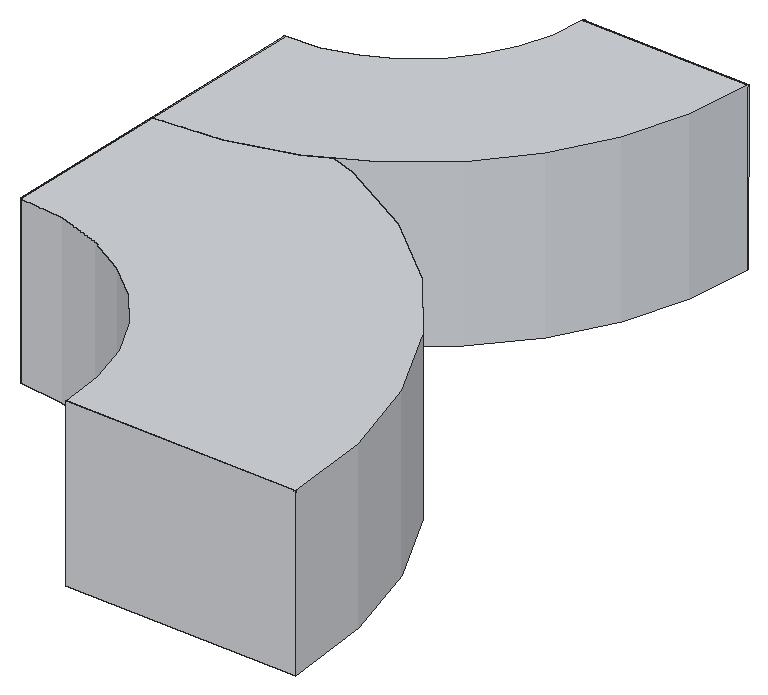
Revit family "M_Transição de Y retangular curvado - DTL", category Conexões de duto, Revit 2019
Family settings
  Cota do conector redondo = Utilizar diâmetro
  Tipo de parte = Ipsílon
  Número OmniClass = 23.75.70.14
  Título OmniClass = Air Ductwork
  ID de item do Seek = Rectangular Wye Curved Transition - DTL-0000-CAN-ENU
  Com base no plano de trabalho = Não
  Sempre na vertical = Sim
  Corte com vazios quando carregada = Não
  Compartilhado = Não
Parameters (values of type "Padrão")
  Mudança superior à direita [instance] = Entrada de profundidade - Saída da profundidade à direita + Mudança inferior à direita  # 0 mm
  Mudança superior à esquerda [instance] = -(Entrada de profundidade - Saída da profundidade à esquerda) + Mudança inferior à esquerda  # 0 mm
  Deslocamento superior 1 [instance] = (Entrada de profundidade - Saída da profundidade à esquerda) / 2 - Mudança superior à esquerda  # 0 mm
  Deslocamento superior 2 [instance] = (Entrada de profundidade - Saída da profundidade à direita) / 2 - Mudança superior à direita  # 0 mm
  Direita do raio [instance] = 625 mm
  Esquerda do raio [instance] = 450 mm
  Comprimento 7 [instance] = Saída da profundidade à esquerda / 4 + Deslocamento superior 1  # 112.5 mm
  Comprimento 6 [instance] = (Entrada de profundidade + Saída da profundidade à esquerda + Saída da profundidade à direita + abs(Deslocamento superior 1) + abs(Deslocamento superior 2)) / 2 + 127 mm  # 802 mm
  Comprimento 5 [instance] = ((Direita do raio + Saída da largura à direita / 2) - (Direita do raio + Entrada de largura / 2) * cos(Ângulo 3)) / sin(Ângulo 3)  # 937.5 mm
  Comprimento 4 [instance] = ((Esquerda do raio + Saída da largura à esquerda / 2) - (Esquerda do raio + Entrada de largura / 2) * cos(Ângulo 2)) / sin(Ângulo 2)  # 675 mm
  Comprimento 3 [instance] = Entrada de largura / 2 + Direita do raio  # 1075 mm
  Comprimento 2 [instance] = Entrada de largura / 2 + Esquerda do raio  # 900 mm
  Comprimento 19 [instance] = Comprimento 2 - Comprimento 10  # 900 mm
  Comprimento 18 [instance] = if(Entrada reta = 0 mm, 0.794 mm, Entrada reta)  # 0.794 mm
  Comprimento 17 [instance] = if(Saída reta à direita = 0 mm, 0.794 mm, Saída reta à direita)  # 0.794 mm
  Comprimento 16 [instance] = if(Saída reta à esquerda = 0 mm, 0.794 mm, Saída reta à esquerda)  # 0.794 mm
  Comprimento 15 [instance] = 3048 mm + Deslocamento superior 2  # 3048 mm
  Comprimento 14 [instance] = 3048 mm + Deslocamento superior 1  # 3048 mm
  Comprimento 12 [instance] = (Direita do raio + Saída da largura à direita / 2) * sin(Ângulo 3)  # 937.5 mm
  Comprimento 13 [instance] = (Direita do raio + Saída da largura à direita / 2) * cos(Ângulo 3)  # 0 mm
  Comprimento 11 [instance] = (Esquerda do raio + Saída da largura à esquerda / 2) * sin(Ângulo 2)  # 675 mm
  Comprimento 10 [instance] = (Esquerda do raio + Saída da largura à esquerda / 2) * cos(Ângulo 2)  # 0 mm
  Comprimento 1 [instance] = 9144 mm - (Comprimento 4 + Comprimento 5) / 2  # 8337.75 mm
  Entrada de largura [instance] = 900 mm
  Saída da largura à direita [instance] = 625 mm
  Saída da largura à esquerda [instance] = 450 mm
  Entrada reta [instance] = 0 mm
  Saída reta à direita [instance] = 0 mm
  Saída reta à esquerda [instance] = 0 mm
  Entrada de profundidade [instance] = 450 mm
  Saída da profundidade à direita [instance] = 450 mm
  Saída da profundidade à esquerda [instance] = 450 mm
  Raio do centro 2 [instance] = Direita do raio + Saída da largura à direita / 2  # 937.5 mm
  Raio do centro 1 [instance] = Esquerda do raio + Saída da largura à esquerda / 2  # 675 mm
  Mudança inferior à direita [instance] = 0 mm
  Mudança inferior à esquerda [instance] = 0 mm
  Ângulo 3 [instance] = 90.00°
  Ângulo 2 [instance] = 90.00°
Reference planes
  plane 1 "Centro (Frente/Trás)": y = 0
  plane 2: z = 0
  plane 3 "Centro (Esquerda/Direita)": x = 0
  plane 4: z = 802
  plane 5: z = -802
  plane 6: z = 802
  plane 7: z = -802
  plane 8: z = 0
  plane 9: z = 0
  plane 10: z = 802
  plane 11: z = -802
  plane 12: z = -3048
  plane 13: x = -806.25
  plane 14: x = -9144
  plane 15: y = 900
  plane 16: y = -1075
  plane 17: x = -807.044
  plane 18: x = -131.25
  plane 19: y = 900
  plane 20: z = 76.2
  plane 21: y = 823.8
  plane 22: z = 398.084
  plane 23: y = -76.2
  plane 24: z = 76.2
  plane 25: x = 131.25
  plane 26: y = -1075
  plane 27: x = -806.25
  plane 28: y = 76.2
  plane 29: z = 76.2
  plane 30: y = -998.8
  plane 31: z = 76.2
Forms (mm)
  Sweep 1, solid, detail levels medium+fine
    path in 3D
      loop
        line (-807.044, 0, 0) -> (-806.25, 0, 0)
    profile "M_Duto - Retangular : Duto - Retangular 3" origin (-806.647, 0, 0) x (0, 1, 0) y (0, 0, 1)
      loop
        line (-450, 225) -> (-450, -225) -> (450, -225) -> (450, 225) -> (-450, 225)
  Blend 2, solid, not visible
    base sketch origin (0, 0, 0) x (0, 1, 0) y (0, 0, 1)
      loop
        line (900, 76.2) -> (823.8, 76.2) -> (823.8, 0) -> (900, 0) -> (900, 76.2)
    top sketch origin (0, 0, 0) x (0, 1, 0) y (0, 0, 1)
      loop
        line (0, 76.2) -> (-76.2, 76.2) -> (-76.2, 0) -> (0, 0) -> (0, 76.2)
    from -131.25 to -806.25
  Extrusion 3, void
    sketch origin (571.5, -4572, 0) x (-1, 0, 0) y (0, -1, 0)
      loop
        circle (1377.75, -5472) r 450
    from -863.6 to 863.6
  Extrusion 4, void
    sketch origin (571.5, -4572, 0) x (-1, 0, 0) y (0, -1, 0)
      loop
        circle (1377.75, -3497) r 625
    from -863.6 to 863.6
  Blend 5, solid, not visible
    base sketch origin (0, 0, 0) x (0, 1, 0) y (0, 0, 1)
      loop
        line (76.2, 0) -> (76.2, 76.2) -> (0, 76.2) -> (0, 0) -> (76.2, 0)
    top sketch origin (0, 0, 0) x (0, 1, 0) y (0, 0, 1)
      loop
        line (-998.8, 76.2) -> (-1075, 76.2) -> (-1075, 0) -> (-998.8, 0) -> (-998.8, 76.2)
    from -806.25 to 131.25
  SweptBlend 6, solid, detail levels medium+fine
    path in 3D
      loop
        arc (-806.25, -137.5, 0) -> (-143.337, -412.087, 0) -> (131.25, -1075, 0) r 937.5
    profile "M_Duto - Retangular : Duto - Retangular 5" origin (-806.25, -137.5, 0) x (0, 1, 0) y (0, 0, 1)
      loop
        line (-312.5, 225) -> (-312.5, -225) -> (312.5, -225) -> (312.5, 225) -> (-312.5, 225)
    end profile "M_Duto - Retangular : Duto - Retangular 2" origin (131.25, -1075, 0) x (1, 0, 0) y (0, 0, 1)
      loop
        line (-312.5, 225) -> (-312.5, -225) -> (312.5, -225) -> (312.5, 225) -> (-312.5, 225)
  SweptBlend 7, solid, detail levels medium+fine
    path in 3D
      loop
        arc (-806.25, 225, 0) -> (-328.953, 422.703, 0) -> (-131.25, 900, 0) r 675
    profile "M_Duto - Retangular : Duto - Retangular 4" origin (-806.25, 225, 0) x (0, 1, 0) y (0, 0, 1)
      loop
        line (-225, 225) -> (-225, -225) -> (225, -225) -> (225, 225) -> (-225, 225)
    end profile "M_Duto - Retangular : Duto - Retangular 1" origin (-131.25, 900, 0) x (-1, 0, 0) y (0, 0, 1)
      loop
        line (-225, 225) -> (-225, -225) -> (225, -225) -> (225, 225) -> (-225, 225)
  Sweep 8, solid, detail levels medium+fine
    path in 3D
      loop
        line (-131.25, 900, 0) -> (-131.25, 900.794, 0)
    profile "M_Duto - Retangular : Duto - Retangular 1" origin (-131.25, 900.397, 0) x (-1, 0, 0) y (0, 0, 1)
      loop
        line (-225, 225) -> (-225, -225) -> (225, -225) -> (225, 225) -> (-225, 225)
  Sweep 9, solid, detail levels medium+fine
    path in 3D
      loop
        line (131.25, -1075, 0) -> (131.25, -1075.794, 0)
    profile "M_Duto - Retangular : Duto - Retangular 2" origin (131.25, -1075.397, 0) x (1, 0, 0) y (0, 0, 1)
      loop
        line (-312.5, 225) -> (-312.5, -225) -> (312.5, -225) -> (312.5, 225) -> (-312.5, 225)
Lines and regions (mm)
  model lines, detail levels coarse
    curve 1: line (-807.044, 0, 0) -> (-806.25, 0, 0)
    curve 3: line (-131.25, 900, 0) -> (-806.25, 0, 0)
    curve 8: line (-131.25, 900, 0) -> (-131.25, 900.794, 0)
    curve 10: line (131.25, -1075, 0) -> (131.25, -1075.794, 0)
    curve 12: line (-806.25, 0, 0) -> (131.25, -1075, 0)
  sketch lines
    curve 2: line (-807.044, 0, 0) -> (-806.25, 0, 0)
    curve 5: arc (-806.25, -137.5, 0) -> (-143.337, -412.087, 0) -> (131.25, -1075, 0) r 937.5
    curve 7: arc (-806.25, 225, 0) -> (-328.953, 422.703, 0) -> (-131.25, 900, 0) r 675
    curve 9: line (-131.25, 900, 0) -> (-131.25, 900.794, 0)
    curve 11: line (131.25, -1075, 0) -> (131.25, -1075.794, 0)
  reference lines
    curve 4: arc (-806.25, -137.5, 0) -> (-143.337, -412.087, 0) -> (131.25, -1075, 0) r 937.5
    curve 6: arc (-806.25, 225, 0) -> (-328.953, 422.703, 0) -> (-131.25, 900, 0) r 675
Dimensions and locks
  equal spacing: plane 4, plane 2, plane 5
  "Comprimento 6": plane 4 to plane 2
  equal spacing: plane 6, plane 2, plane 7
  "Comprimento 6": plane 6 to plane 2
  equal spacing: plane 10, plane 2, plane 11
  "Comprimento 6": plane 10 to plane 2
  locked: plane 2 to plane 12 at 3048
  "Comprimento 14": plane 8 to plane 12
  "Comprimento 15": plane 9 to plane 12
  locked: plane 14 to plane 3 "Centro (Esquerda/Direita)" at 9144
  "Comprimento 1": plane 14 to plane 13
  "Comprimento 2": plane 15 to plane 1 "Centro (Frente/Trás)"
  "Comprimento 3": plane 1 "Centro (Frente/Trás)" to plane 16
  "Comprimento 18": plane 17 to plane 13
  "Comprimento 19": plane 19 to plane 1 "Centro (Frente/Trás)"
  "Comprimento 11": plane 13 to plane 18
  locked: plane 20 to plane 8 at 76.2
  locked: plane 19 to plane 21 at 76.2
  plane 1 "Centro (Frente/Trás)" to plane 23 = 76.2 mm
  locked: plane 24 to plane 2 at 76.2
  "Comprimento 12": plane 13 to plane 25
  "Comprimento 13": plane 26 to plane 16
  "Comprimento 1": plane 14 to plane 27
  plane 28 to plane 1 "Centro (Frente/Trás)" = 76.2 mm
  plane 30 to plane 26 = 76.2 mm
  plane 29 to plane 9 = 76.2 mm
  locked: plane 31 to plane 2 at 76.2
  "Comprimento 16": curve 8 to curve 8
  "Comprimento 17": curve 10 to curve 10
  "Direita do raio": radius of Extrusion 4 sketch curve
  "Esquerda do raio": radius of Extrusion 3 sketch curve
  "Raio do centro 2": radius of curve 4
  "Raio do centro 1": radius of curve 6
  "Ângulo 3": angle curve 4 to curve 4
  "Ângulo 2": angle curve 6 to curve 6
  "Ângulo 2": angle plane 19 to curve 8
  "Ângulo 3": angle curve 10 to plane 26
  aligned and locked: Blend 2 sketch curve to plane 19
  aligned and locked: Blend 2 sketch curve to plane 21
  aligned and locked: Blend 2 sketch curve to plane 20
  aligned and locked: plane 1 "Centro (Frente/Trás)" to Blend 2 sketch curve
  aligned and locked: plane 2 to Blend 2 sketch curve
  aligned and locked: Blend 2 sketch curve to plane 24
  aligned and locked: Blend 2 sketch curve to plane 23
  aligned and locked: Blend 2 to plane 13
  aligned and locked: plane 18 to Blend 2
  aligned and locked: curve 3 to Blend 2  (x2)
  aligned and locked: plane 13 to Extrusion 3 sketch curve
  aligned and locked: plane 15 to Extrusion 3 sketch curve
  aligned and locked: plane 16 to Extrusion 4 sketch curve
  aligned and locked: plane 27 to Extrusion 4 sketch curve
  aligned and locked: Blend 5 sketch curve to plane 1 "Centro (Frente/Trás)"
  aligned and locked: plane 28 to Blend 5 sketch curve
  aligned and locked: plane 26 to Blend 5 sketch curve
  aligned and locked: plane 9 to Blend 5 sketch curve
  aligned and locked: plane 30 to Blend 5 sketch curve
  aligned and locked: Blend 5 sketch curve to plane 29
  aligned and locked: Blend 5 to plane 27
  aligned and locked: plane 25 to Blend 5
  aligned and locked: plane 31 to Blend 5 sketch curve
  aligned and locked: Blend 5 sketch curve to plane 2
  aligned and locked: plane 13 to curve 1
  aligned and locked: plane 16 to curve 4
  aligned and locked: plane 13 to curve 4  (x2)
  aligned and locked: plane 15 to curve 6
  aligned and locked: plane 13 to curve 6  (x2)
  aligned and locked: plane 18 to curve 8
  aligned and locked: plane 19 to curve 8
  aligned and locked: plane 26 to curve 10
  aligned and locked: plane 25 to curve 10
  aligned and locked: curve 12 to Blend 5
Automatic sketch dimensions
  Blend 2 sketch curve to plane 8 = 0 mm
  curve 3 to Blend 2 = 0 mm
  plane 1 "Centro (Frente/Trás)" to curve 1 = 0 mm
  curve 1 to plane 17 = 0 mm
  curve 12 to Blend 5 = 0 mm  (x2)
Connectors
  hvac at (-807.044, 0, 0), driven by "Entrada de profundidade", driven by "Entrada de largura"
    settings: on Sweep 1, index 1, duct flow 0.0 L/s, flow factor 0, pres drop 0.0 Pa, loss coef 0, conn angle 0.00°, conn width 900 mm, conn height 450 mm, conn diameter 609.6 mm, duct sys type 28, conn prof type 1, flow config 0, flow direction 0, loss method 0, conn ref index -1, conn util no, is conn primary yes, conn desc ""
  hvac at (131.25, -1075.794, 0), driven by "Ângulo 3", driven by "Saída da profundidade à direita", driven by "Saída da largura à direita"
    settings: on Sweep 9, index 2, duct flow 0.0 L/s, flow factor 0, pres drop 0.0 Pa, loss coef 0, conn angle 90.00°, conn width 625 mm, conn height 450 mm, conn diameter 609.6 mm, duct sys type 28, conn prof type 1, flow config 0, flow direction 0, loss method 0, conn ref index -1, conn util no, is conn primary no, conn desc ""
  hvac at (-131.25, 900.794, 0), driven by "Ângulo 2", driven by "Saída da profundidade à esquerda", driven by "Saída da largura à esquerda"
    settings: on Sweep 8, index 3, duct flow 0.0 L/s, flow factor 0, pres drop 0.0 Pa, loss coef 0, conn angle 90.00°, conn width 450 mm, conn height 450 mm, conn diameter 609.6 mm, duct sys type 28, conn prof type 1, flow config 0, flow direction 0, loss method 0, conn ref index -1, conn util no, is conn primary no, conn desc ""
